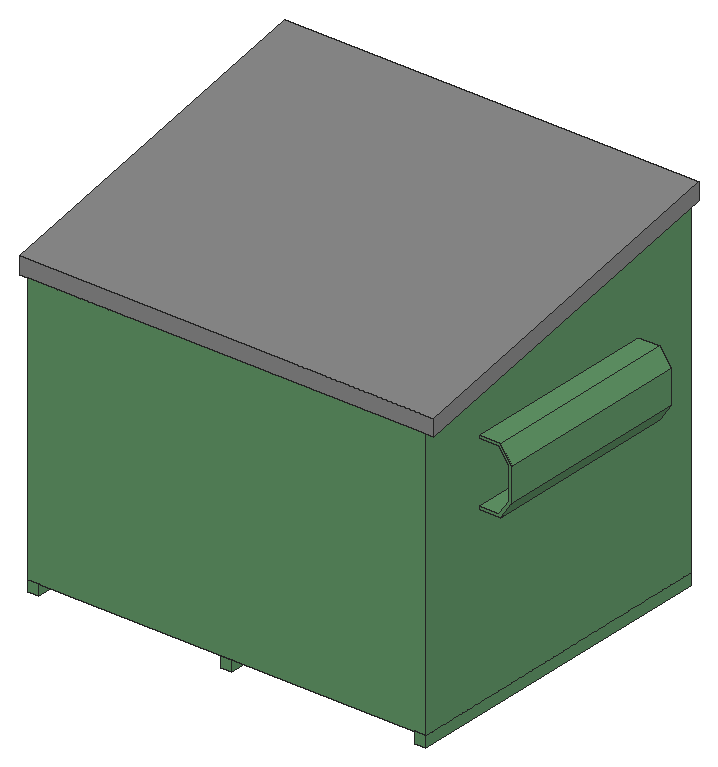
Revit family
Parameters
  깊이 = 1525.00 mm
  길이 = 1830.00 mm
Reference planes
  plane 1 "중심(앞/뒤)": y = 0
  plane 2: z = 0
  plane 3 "중심(왼쪽/오른쪽)": x = 0
  plane 4: x = -915
  plane 5: x = 915
  plane 6: y = 762.5
  plane 7: y = -762.5
  plane 8: z = 1371.6
  plane 9: z = 1676.4
  plane 10: x = 1067.4
  plane 11: x = -1067.4
  plane 12: z = 1155.963
  plane 13: z = 851.163
  plane 14: x = 1016.6
  plane 15: z = 927.363
  plane 16: z = 1079.763
  plane 17: y = -457.2
  plane 18: y = 457.2
  plane 19: x = -1016
  plane 20: x = -952.5
  plane 21: x = 952.5
Forms (mm)
  Extrusion 1, solid, material "금속 - 페인트 마감 - 녹색, 광택"
    sketch origin (0, 0, 0) x (0, 1, 0) y (0, 0, 1)
      loop
        line (762.5, 50.8) -> (762.5, 1600.2) -> (-762.5, 1295.4) -> (-762.5, 50.8) -> (762.5, 50.8)
    from -915 to 915
  Extrusion 2, solid, material "금속 - 페인트 마감 - 녹색, 광택"
    sketch origin (915, -762.5, 1295.4) x (-1, 0, 0) y (0, 0, -1)
      loop
        line (0, 139.437) -> (0, 152.137) -> (-94.803, 152.137) -> (-139.7, 219.482) -> (-139.7, 364.192) -> (-94.803, 431.537) -> (0, 431.537) -> (0, 444.237) -> (-101.6, 444.237) -> (-152.4, 368.037) -> (-152.4, 215.637) -> (-101.6, 139.437) -> (0, 139.437)
    from -1219.7 to -305.3
  Extrusion 3, solid, material "금속 - 페인트 마감 - 녹색, 광택"
    sketch origin (-914.4, -762, 1371.6) x (1, 0, 0) y (0, 0, 1)
      loop
        line (-0.6, -215.637) -> (-101.6, -215.637) -> (-153, -291.837) -> (-153, -444.237) -> (-101.6, -520.437) -> (-0.6, -520.437) -> (-0.6, -507.737) -> (-94.803, -507.737) -> (-140.3, -440.392) -> (-140.3, -295.682) -> (-94.803, -228.337) -> (-0.6, -228.337) -> (-0.6, -215.637)
    from -1219.2 to -304.8
  Extrusion 4, solid, material "금속 - 페인트 마감 - 녹색, 광택"
    sketch origin (915, -762.5, 1295.4) x (-1, 0, 0) y (0, 0, -1)
      loop
        line (1830, 1244.6) -> (1830, 1295.4) -> (1779.2, 1295.4) -> (1779.2, 1244.6) -> (1830, 1244.6)
      loop
        line (0, 1244.6) -> (50.8, 1244.6) -> (50.8, 1295.4) -> (0, 1295.4) -> (0, 1244.6)
      loop
        line (889.6, 1244.6) -> (940.4, 1244.6) -> (940.4, 1295.4) -> (889.6, 1295.4) -> (889.6, 1244.6)
    from -1525 to 0
  Extrusion 5, solid, material "금속 - 페인트 마감 - 진회색, 무광"
    sketch origin (915, 0, 0) x (0, 1, 0) y (0, 0, 1)
      loop
        line (-762.5, 1371.6) -> (-762.5, 1295.4) -> (762.5, 1600.2) -> (762.5, 1676.4) -> (-762.5, 1371.6)
    from -1866.9 to 38.1
Lines and regions (mm)
  symbolic lines, style "대지 액세서리"
    curve 1: line (-915, 762.5, 0) -> (915, 762.5, 0)
    curve 2: line (-915, -762.5, 0) -> (-915, 762.5, 0)
    curve 3: line (915, -762.5, 0) -> (-915, -762.5, 0)
    curve 4: line (915, 762.5, 0) -> (915, -762.5, 0)
    curve 5: line (915, 457.2, 0) -> (1067.4, 457.2, 0)
    curve 6: line (1067.4, 457.2, 0) -> (1067.4, -457.2, 0)
    curve 7: line (1067.4, -457.2, 0) -> (915, -457.2, 0)
    curve 8: line (1016.6, -457.2, 0) -> (1016.6, 457.2, 0)
    curve 9: line (-915, 457.2, 0) -> (-1067.4, 457.2, 0)
    curve 10: line (-1067.4, 457.2, 0) -> (-1067.4, -457.2, 0)
    curve 11: line (-1067.4, -457.2, 0) -> (-915, -457.2, 0)
    curve 12: line (-1016, 457.2, 0) -> (-1016, -457.2, 0)
Dimensions and locks
  "길이": plane 4 to plane 5
  "깊이": plane 7 to plane 6
  equal spacing: plane 4, plane 3 "중심(왼쪽/오른쪽)", plane 5
  equal spacing: plane 7, plane 1 "중심(앞/뒤)", plane 6
  plane 11 to plane 4 = 152.40 mm
  plane 5 to plane 10 = 152.40 mm
  plane 12 to plane 13 = 304.80 mm
  locked: plane 14 to plane 10 at 50.8
  plane 12 to plane 16 = 76.20 mm
  plane 15 to plane 13 = 76.20 mm
  plane 10 to plane 5 = 152.40 mm
  locked: plane 2 to Extrusion 1 sketch curve at 50.8
  aligned and locked: Extrusion 1 to plane 5
  aligned and locked: plane 4 to Extrusion 1
  aligned and locked: Extrusion 2 to plane 18
  aligned and locked: plane 17 to Extrusion 2
  aligned and locked: Extrusion 4 sketch curve to Extrusion 1  (x5)
  aligned and locked: level to Extrusion 4 sketch curve  (x3)
  aligned and locked: Extrusion 4 to plane 6
  aligned and locked: Extrusion 1 sketch curve to Extrusion 5
Automatic sketch dimensions
  Extrusion 2 sketch curve to plane 10 = 0.00 mm
  plane 15 to Extrusion 2 sketch curve = 3.845 mm
  Extrusion 2 sketch curve to plane 16 = 3.845 mm
  Extrusion 2 sketch curve to plane 13 = 0.00 mm
  Extrusion 2 sketch curve to plane 14 = 0.00 mm  (x2)
  Extrusion 2 sketch curve to plane 12 = 0.00 mm
  plane 14 to Extrusion 2 sketch curve = 6.797 mm  (x2)
  Extrusion 2 sketch curve to plane 5 = 0.00 mm  (x2)
  Extrusion 2 sketch curve to plane 16 = 0.00 mm
  Extrusion 2 sketch curve to plane 15 = 0.00 mm
  Extrusion 2 sketch curve to Extrusion 2 sketch curve = 12.70 mm
  Extrusion 2 sketch curve to plane 12 = 12.70 mm
  plane 13 to Extrusion 2 sketch curve = 12.70 mm
  Extrusion 3 sketch curve to plane 11 = 0.00 mm
  Extrusion 3 sketch curve to plane 13 = 0.00 mm
  Extrusion 3 sketch curve to plane 19 = 0.00 mm  (x2)
  Extrusion 3 sketch curve to plane 12 = 0.00 mm
  Extrusion 3 sketch curve to plane 4 = 0.00 mm  (x2)
  Extrusion 3 sketch curve to plane 15 = 0.00 mm
  Extrusion 3 sketch curve to plane 16 = 0.00 mm
  plane 15 to Extrusion 3 sketch curve = 3.845 mm
  plane 11 to Extrusion 3 sketch curve = 12.70 mm
  plane 19 to Extrusion 3 sketch curve = 6.797 mm  (x2)
  plane 13 to Extrusion 3 sketch curve = 12.70 mm
  Extrusion 3 sketch curve to plane 16 = 3.845 mm
  Extrusion 3 sketch curve to plane 12 = 12.70 mm
  plane 5 to Extrusion 4 sketch curve = 50.80 mm
  plane 3 "중심(왼쪽/오른쪽)" to Extrusion 4 sketch curve = 25.40 mm
  Extrusion 4 sketch curve to plane 3 "중심(왼쪽/오른쪽)" = 25.40 mm
  Extrusion 4 sketch curve to Extrusion 4 sketch curve = 50.80 mm
  Extrusion 5 sketch curve to plane 7 = 0.00 mm
  Extrusion 5 sketch curve to plane 6 = 0.00 mm
  Extrusion 5 sketch curve to plane 8 = 0.00 mm
  Extrusion 5 sketch curve to plane 9 = 0.00 mm
  Extrusion 5 sketch curve to Extrusion 5 sketch curve = 76.20 mm  (x2)
  Extrusion 1 sketch curve to plane 7 = 0.00 mm
  Extrusion 1 sketch curve to plane 6 = 0.00 mm
  curve 11 to plane 11 = 0.00 mm
  curve 12 to plane 19 = 0.00 mm
  curve 2 to plane 4 = 0.00 mm
  curve 4 to plane 5 = 0.00 mm
  curve 8 to plane 14 = 0.00 mm
  curve 5 to plane 10 = 0.00 mm
  curve 4 to plane 7 = 0.00 mm
  curve 7 to plane 17 = 0.00 mm
  curve 11 to plane 17 = 0.00 mm
  curve 5 to plane 18 = 0.00 mm
  curve 9 to plane 18 = 0.00 mm
  curve 1 to plane 6 = 0.00 mm
